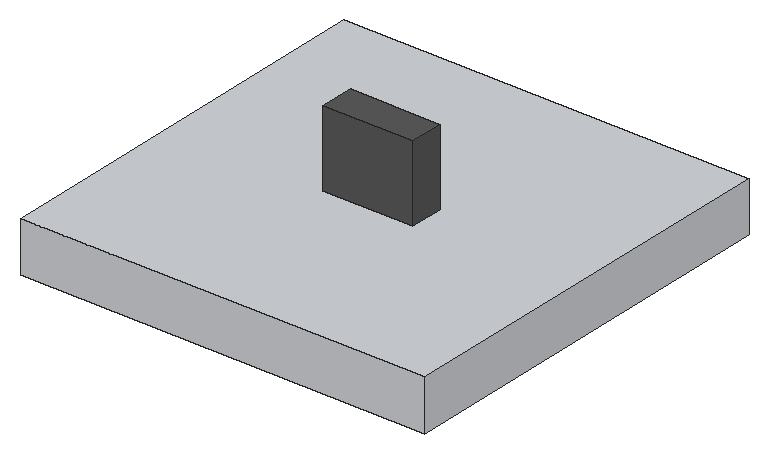
Revit family "r2018_videomax_videoserver_nastolnogo_ispolneniya", category Устройства связи, Revit 2018 (continued)
Definition of nested family "videomax_midibigtower"
  Lines and regions (mm)
    model lines, visible <- "Back_500", detail levels fine
      curve 1670: line (1421.596, 399.43, 0) -> (1421.439, 416.329, 0)
      curve 1671: line (1421.439, 416.329, 0) -> (1416.848, 421.084, 0)
      curve 1672: line (1415.059, 421.806, 0) -> (1405.425, 421.806, 0)
      curve 1673: line (1404.328, 420.759, 0) -> (1404.328, 393.777, 0)
      curve 1678: line (1496.289, 263.688, 0) -> (1492.308, 267.669, 0)
      curve 1679: line (1492.308, 218.833, 0) -> (1496.289, 222.815, 0)
      curve 1680: line (1507.156, 252.821, 0) -> (1504.097, 255.88, 0)
      curve 1681: line (1504.096, 230.622, 0) -> (1507.156, 233.681, 0)
      curve 1682: line (1502.332, 257.645, 0) -> (1498.347, 261.63, 0)
      curve 1683: line (1498.347, 224.872, 0) -> (1502.332, 228.857, 0)
      curve 1684: line (1541.003, 263.688, 0) -> (1544.984, 267.669, 0)
      curve 1685: line (1544.984, 218.833, 0) -> (1541.003, 222.815, 0)
      curve 1686: line (1530.136, 252.821, 0) -> (1533.195, 255.88, 0)
      curve 1687: line (1533.196, 230.622, 0) -> (1530.137, 233.681, 0)
      curve 1688: line (1534.96, 257.645, 0) -> (1538.945, 261.63, 0)
      curve 1689: line (1538.945, 224.872, 0) -> (1534.96, 228.857, 0)
      curve 1690: line (1539.083, 220.894, 0) -> (1543.064, 216.913, 0)
      curve 1691: line (1494.228, 216.913, 0) -> (1498.21, 220.894, 0)
      curve 1692: line (1528.216, 231.761, 0) -> (1531.275, 228.702, 0)
      curve 1693: line (1506.017, 228.702, 0) -> (1509.076, 231.761, 0)
      curve 1694: line (1533.04, 226.937, 0) -> (1537.025, 222.952, 0)
      curve 1695: line (1500.267, 222.952, 0) -> (1504.252, 226.937, 0)
      curve 1696: line (1539.083, 265.608, 0) -> (1543.064, 269.589, 0)
      curve 1697: line (1494.228, 269.589, 0) -> (1498.21, 265.608, 0)
      curve 1698: line (1528.216, 254.741, 0) -> (1531.275, 257.8, 0)
      curve 1699: line (1506.017, 257.801, 0) -> (1509.076, 254.742, 0)
      curve 1700: line (1533.04, 259.565, 0) -> (1537.025, 263.55, 0)
      curve 1701: line (1500.267, 263.55, 0) -> (1504.252, 259.565, 0)
      curve 1702: arc (1504.252, 259.565, 0) -> (1510.952, 263.601, 0) -> (1518.646, 265.007, 0) r 21.756
      curve 1703: arc (1518.646, 265.007, 0) -> (1526.34, 263.601, 0) -> (1533.04, 259.565, 0) r 21.756
      curve 1704: circle (1482.736, 279.025, 0) r 3 normal (0, 0, 1)
      curve 1705: circle (1554.56, 279.165, 0) r 3 normal (0, 0, 1)
      curve 1706: circle (1482.736, 207.354, 0) r 3 normal (0, 0, 1)
      curve 1707: circle (1554.56, 207.354, 0) r 3 normal (0, 0, 1)
      curve 1708: circle (1537.761, 39.33, 0) r 1.962 normal (0, 0, 1)
      curve 1709: circle (1534.459, 35.216, 0) r 1.962 normal (0, 0, 1)
      curve 1710: circle (1541.599, 35.216, 0) r 1.962 normal (0, 0, 1)
      curve 1711: circle (1544.901, 39.33, 0) r 1.962 normal (0, 0, 1)
      curve 1712: circle (1551.72, 39.33, 0) r 1.962 normal (0, 0, 1)
      curve 1713: circle (1558.859, 39.33, 0) r 1.962 normal (0, 0, 1)
      curve 1714: circle (1548.418, 35.216, 0) r 1.962 normal (0, 0, 1)
      curve 1715: circle (1555.558, 35.216, 0) r 1.962 normal (0, 0, 1)
      curve 1716: circle (1537.855, 31.103, 0) r 1.962 normal (0, 0, 1)
      curve 1717: circle (1534.554, 26.989, 0) r 1.962 normal (0, 0, 1)
      curve 1718: circle (1541.693, 26.989, 0) r 1.962 normal (0, 0, 1)
      curve 1719: circle (1544.995, 31.103, 0) r 1.962 normal (0, 0, 1)
      curve 1720: circle (1551.814, 31.103, 0) r 1.962 normal (0, 0, 1)
      curve 1721: circle (1558.954, 31.103, 0) r 1.962 normal (0, 0, 1)
      curve 1722: circle (1548.512, 26.989, 0) r 1.962 normal (0, 0, 1)
      curve 1723: circle (1555.652, 26.989, 0) r 1.962 normal (0, 0, 1)
      curve 1724: circle (1537.95, 22.875, 0) r 1.962 normal (0, 0, 1)
      curve 1725: circle (1534.648, 18.762, 0) r 1.962 normal (0, 0, 1)
      curve 1726: circle (1541.788, 18.762, 0) r 1.962 normal (0, 0, 1)
      curve 1727: circle (1545.089, 22.875, 0) r 1.962 normal (0, 0, 1)
      curve 1728: circle (1551.908, 22.875, 0) r 1.962 normal (0, 0, 1)
      curve 1729: circle (1559.048, 22.875, 0) r 1.962 normal (0, 0, 1)
      curve 1730: circle (1548.607, 18.762, 0) r 1.962 normal (0, 0, 1)
      curve 1731: circle (1555.746, 18.762, 0) r 1.962 normal (0, 0, 1)
      curve 1732: circle (1538.044, 14.648, 0) r 1.962 normal (0, 0, 1)
      curve 1733: circle (1534.742, 10.534, 0) r 1.962 normal (0, 0, 1)
      curve 1734: circle (1541.882, 10.534, 0) r 1.962 normal (0, 0, 1)
      curve 1735: circle (1545.183, 14.648, 0) r 1.962 normal (0, 0, 1)
      curve 1736: circle (1552.003, 14.648, 0) r 1.962 normal (0, 0, 1)
      curve 1737: circle (1559.142, 14.648, 0) r 1.962 normal (0, 0, 1)
      curve 1738: circle (1548.701, 10.534, 0) r 1.962 normal (0, 0, 1)
      curve 1739: circle (1555.841, 10.534, 0) r 1.962 normal (0, 0, 1)
      curve 1740: circle (1537.761, 6.42, 0) r 1.962 normal (0, 0, 1)
      curve 1741: circle (1534.459, 2.307, 0) r 1.962 normal (0, 0, 1)
      curve 1742: circle (1541.599, 2.307, 0) r 1.962 normal (0, 0, 1)
      curve 1743: circle (1544.901, 6.42, 0) r 1.962 normal (0, 0, 1)
      curve 1744: circle (1551.72, 6.42, 0) r 1.962 normal (0, 0, 1)
      curve 1745: circle (1558.859, 6.42, 0) r 1.962 normal (0, 0, 1)
      curve 1746: circle (1548.418, 2.307, 0) r 1.962 normal (0, 0, 1)
      curve 1747: circle (1555.558, 2.307, 0) r 1.962 normal (0, 0, 1)
      curve 1748: circle (1570.528, 10.991, 0) r 3 normal (0, 0, 1)
      curve 1749: circle (1570.528, 404.344, 0) r 3 normal (0, 0, 1)
      curve 1750: circle (1378.674, 404.344, 0) r 3 normal (0, 0, 1)
      curve 1751: circle (52.436, 100.955, 0) r 1.962 normal (0, 0, 1)
      curve 1752: circle (55.832, 96.841, 0) r 1.962 normal (0, 0, 1)
      curve 1753: circle (52.53, 92.727, 0) r 1.962 normal (0, 0, 1)
      curve 1754: circle (55.926, 88.614, 0) r 1.962 normal (0, 0, 1)
      curve 1755: circle (52.624, 84.5, 0) r 1.962 normal (0, 0, 1)
      curve 1756: circle (56.02, 80.386, 0) r 1.962 normal (0, 0, 1)
      curve 1757: circle (52.719, 76.272, 0) r 1.962 normal (0, 0, 1)
      curve 1758: circle (56.114, 72.159, 0) r 1.962 normal (0, 0, 1)
      curve 1759: circle (52.813, 68.045, 0) r 1.962 normal (0, 0, 1)
      curve 1760: circle (55.832, 63.931, 0) r 1.962 normal (0, 0, 1)
      curve 1761: circle (52.53, 59.817, 0) r 1.962 normal (0, 0, 1)
      curve 1762: circle (55.926, 55.704, 0) r 1.962 normal (0, 0, 1)
      curve 1763: circle (52.624, 51.59, 0) r 1.962 normal (0, 0, 1)
      curve 1764: circle (56.02, 47.476, 0) r 1.962 normal (0, 0, 1)
      curve 1765: circle (52.719, 43.363, 0) r 1.962 normal (0, 0, 1)
      curve 1766: circle (56.114, 39.249, 0) r 1.962 normal (0, 0, 1)
      curve 1767: circle (52.813, 35.135, 0) r 1.962 normal (0, 0, 1)
      curve 1768: circle (56.209, 31.022, 0) r 1.962 normal (0, 0, 1)
      curve 1769: circle (52.907, 26.908, 0) r 1.962 normal (0, 0, 1)
      curve 1770: circle (56.303, 22.794, 0) r 1.962 normal (0, 0, 1)
      curve 1771: circle (53.002, 18.68, 0) r 1.962 normal (0, 0, 1)
      curve 1772: circle (56.02, 14.566, 0) r 1.962 normal (0, 0, 1)
      curve 1773: circle (52.719, 10.453, 0) r 1.962 normal (0, 0, 1)
      curve 1774: circle (45.296, 100.955, 0) r 1.962 normal (0, 0, 1)
      curve 1775: circle (48.692, 96.841, 0) r 1.962 normal (0, 0, 1)
      curve 1776: circle (45.39, 92.727, 0) r 1.962 normal (0, 0, 1)
      curve 1777: circle (48.786, 88.614, 0) r 1.962 normal (0, 0, 1)
      curve 1778: circle (45.485, 84.5, 0) r 1.962 normal (0, 0, 1)
      curve 1779: circle (48.881, 80.386, 0) r 1.962 normal (0, 0, 1)
      curve 1780: circle (45.579, 76.272, 0) r 1.962 normal (0, 0, 1)
      curve 1781: circle (48.975, 72.159, 0) r 1.962 normal (0, 0, 1)
      curve 1782: circle (45.673, 68.045, 0) r 1.962 normal (0, 0, 1)
      curve 1783: circle (48.692, 63.931, 0) r 1.962 normal (0, 0, 1)
      curve 1784: circle (45.39, 59.817, 0) r 1.962 normal (0, 0, 1)
      curve 1785: circle (48.786, 55.704, 0) r 1.962 normal (0, 0, 1)
      curve 1786: circle (45.485, 51.59, 0) r 1.962 normal (0, 0, 1)
      curve 1787: circle (48.881, 47.476, 0) r 1.962 normal (0, 0, 1)
      curve 1788: circle (45.579, 43.363, 0) r 1.962 normal (0, 0, 1)
      curve 1789: circle (48.975, 39.249, 0) r 1.962 normal (0, 0, 1)
      curve 1790: circle (45.673, 35.135, 0) r 1.962 normal (0, 0, 1)
      curve 1791: circle (49.069, 31.022, 0) r 1.962 normal (0, 0, 1)
      curve 1792: circle (45.768, 26.908, 0) r 1.962 normal (0, 0, 1)
      curve 1793: circle (49.163, 22.794, 0) r 1.962 normal (0, 0, 1)
      curve 1794: circle (45.862, 18.68, 0) r 1.962 normal (0, 0, 1)
      curve 1795: circle (48.881, 14.566, 0) r 1.962 normal (0, 0, 1)
      curve 1796: circle (45.579, 10.453, 0) r 1.962 normal (0, 0, 1)
      curve 1797: circle (1527.037, 92.809, 0) r 1.962 normal (0, 0, 1)
      curve 1798: circle (1530.433, 88.695, 0) r 1.962 normal (0, 0, 1)
      curve 1799: circle (1527.131, 84.581, 0) r 1.962 normal (0, 0, 1)
      curve 1800: circle (1530.527, 80.468, 0) r 1.962 normal (0, 0, 1)
      curve 1801: circle (1527.226, 76.354, 0) r 1.962 normal (0, 0, 1)
      curve 1802: circle (1530.621, 72.24, 0) r 1.962 normal (0, 0, 1)
      curve 1803: circle (1527.32, 68.126, 0) r 1.962 normal (0, 0, 1)
      curve 1804: circle (1530.716, 64.013, 0) r 1.962 normal (0, 0, 1)
      curve 1805: circle (1527.414, 59.899, 0) r 1.962 normal (0, 0, 1)
      curve 1806: circle (1530.433, 55.785, 0) r 1.962 normal (0, 0, 1)
      curve 1807: circle (1527.131, 51.671, 0) r 1.962 normal (0, 0, 1)
      curve 1808: circle (1530.527, 47.558, 0) r 1.962 normal (0, 0, 1)
      curve 1809: circle (1527.226, 43.444, 0) r 1.962 normal (0, 0, 1)
      curve 1810: circle (1530.621, 39.33, 0) r 1.962 normal (0, 0, 1)
      curve 1811: circle (1527.32, 35.216, 0) r 1.962 normal (0, 0, 1)
      curve 1812: circle (1530.716, 31.103, 0) r 1.962 normal (0, 0, 1)
      curve 1813: circle (1527.414, 26.989, 0) r 1.962 normal (0, 0, 1)
      curve 1814: circle (1530.81, 22.875, 0) r 1.962 normal (0, 0, 1)
      curve 1815: circle (1527.508, 18.762, 0) r 1.962 normal (0, 0, 1)
      curve 1816: circle (1530.904, 14.648, 0) r 1.962 normal (0, 0, 1)
      curve 1817: circle (1527.603, 10.534, 0) r 1.962 normal (0, 0, 1)
      curve 1818: circle (1530.621, 6.42, 0) r 1.962 normal (0, 0, 1)
      curve 1819: circle (1527.32, 2.307, 0) r 1.962 normal (0, 0, 1)
      curve 1820: circle (1519.897, 92.809, 0) r 1.962 normal (0, 0, 1)
      curve 1821: circle (1523.293, 88.695, 0) r 1.962 normal (0, 0, 1)
      curve 1822: circle (1519.992, 84.581, 0) r 1.962 normal (0, 0, 1)
      curve 1823: circle (1523.387, 80.468, 0) r 1.962 normal (0, 0, 1)
      curve 1824: circle (1520.086, 76.354, 0) r 1.962 normal (0, 0, 1)
      curve 1825: circle (1523.482, 72.24, 0) r 1.962 normal (0, 0, 1)
      curve 1826: circle (1520.18, 68.126, 0) r 1.962 normal (0, 0, 1)
      curve 1827: circle (1523.576, 64.013, 0) r 1.962 normal (0, 0, 1)
      curve 1828: circle (1520.275, 59.899, 0) r 1.962 normal (0, 0, 1)
      curve 1829: circle (1523.293, 55.785, 0) r 1.962 normal (0, 0, 1)
      curve 1830: circle (1519.992, 51.671, 0) r 1.962 normal (0, 0, 1)
      curve 1831: circle (1523.387, 47.558, 0) r 1.962 normal (0, 0, 1)
      curve 1832: circle (1520.086, 43.444, 0) r 1.962 normal (0, 0, 1)
      curve 1833: circle (1523.482, 39.33, 0) r 1.962 normal (0, 0, 1)
      curve 1834: circle (1520.18, 35.216, 0) r 1.962 normal (0, 0, 1)
      curve 1835: circle (1523.576, 31.103, 0) r 1.962 normal (0, 0, 1)
      curve 1836: circle (1520.275, 26.989, 0) r 1.962 normal (0, 0, 1)
      curve 1837: circle (1523.67, 22.875, 0) r 1.962 normal (0, 0, 1)
      curve 1838: circle (1520.369, 18.762, 0) r 1.962 normal (0, 0, 1)
      curve 1839: circle (1523.765, 14.648, 0) r 1.962 normal (0, 0, 1)
      curve 1840: circle (1520.463, 10.534, 0) r 1.962 normal (0, 0, 1)
      curve 1841: circle (1523.482, 6.42, 0) r 1.962 normal (0, 0, 1)
      curve 1842: circle (1520.18, 2.307, 0) r 1.962 normal (0, 0, 1)
      curve 1843: circle (-95.927, 19.137, 0) r 3 normal (0, 0, 1)
      curve 1844: circle (1378.674, 10.991, 0) r 3 normal (0, 0, 1)
    model lines, visible <- "Back", detail levels fine
      curve 274: arc (-49.318, 430.349, 0) -> (-49.967, 432.121, 0) -> (-51.691, 432.889, 0) r 2.421
      curve 275: arc (-70.417, 432.889, 0) -> (-72.236, 432.259, 0) -> (-73.131, 430.554, 0) r 2.616
      curve 276: arc (-73.131, 400.398, 0) -> (-72.447, 398.628, 0) -> (-70.712, 397.858, 0) r 2.483
      curve 277: arc (-52.023, 397.858, 0) -> (-50.174, 398.517, 0) -> (-49.318, 400.284, 0) r 2.589
      curve 545: line (-102.5, 460, 0) -> (102.5, 460, 0)
      curve 546: line (102.5, 451.854, 0) -> (-102.5, 451.854, 0)
      curve 547: line (-91.854, 451.854, 0) -> (-91.854, 0, 0)
      curve 548: line (-102.5, 0, 0) -> (-102.5, 460, 0)
      curve 549: line (91.781, 451.854, 0) -> (91.781, 0, 0)
      curve 550: line (102.5, 0, 0) -> (102.5, 460, 0)
      curve 568: line (91.781, 391.913, 0) -> (73.654, 372.429, 0)
      curve 569: line (73.654, 372.429, 0) -> (-72.572, 372.429, 0)
      curve 570: line (-72.572, 372.429, 0) -> (-91.854, 393.239, 0)
      curve 572: line (-71.854, 103.384, 0) -> (33.392, 103.384, 0)
      curve 573: line (33.392, 103.384, 0) -> (33.392, 3.592, 0)
      curve 574: line (33.392, 3.592, 0) -> (-71.854, 3.592, 0)
      curve 575: line (-71.854, 3.592, 0) -> (-71.854, 103.384, 0)
      curve 576: line (33.392, 45.221, 0) -> (-67.344, 45.221, 0)
      curve 577: line (-67.344, 45.221, 0) -> (-67.344, 31.04, 0)
      curve 578: line (-67.344, 31.04, 0) -> (33.392, 31.04, 0)
      curve 579: line (33.392, 31.04, 0) -> (33.392, 45.221, 0)
      curve 580: line (33.392, 63.971, 0) -> (-67.344, 63.971, 0)
      curve 581: line (-67.344, 63.971, 0) -> (-67.344, 49.79, 0)
      curve 582: line (-67.344, 49.79, 0) -> (33.392, 49.79, 0)
      curve 583: line (33.392, 49.79, 0) -> (33.392, 63.971, 0)
      curve 584: line (33.392, 82.721, 0) -> (-67.344, 82.721, 0)
      curve 585: line (-67.344, 82.721, 0) -> (-67.344, 68.54, 0)
      curve 586: line (-67.344, 68.54, 0) -> (33.392, 68.54, 0)
      curve 587: line (33.392, 68.54, 0) -> (33.392, 82.721, 0)
      curve 588: line (33.392, 100.7, 0) -> (-67.344, 100.7, 0)
      curve 589: line (-67.344, 100.7, 0) -> (-67.344, 88.061, 0)
      curve 590: line (-67.344, 88.061, 0) -> (33.392, 88.061, 0)
      curve 591: line (33.392, 88.061, 0) -> (33.392, 100.7, 0)
      curve 592: line (-91.854, 365.384, 0) -> (-47.854, 365.384, 0)
      curve 593: line (-47.854, 365.384, 0) -> (-47.854, 211.384, 0)
      curve 594: line (-47.854, 211.384, 0) -> (-91.854, 211.384, 0)
      curve 595: line (-91.854, 211.384, 0) -> (-91.854, 365.384, 0)
      curve 624: line (-51.691, 432.889, 0) -> (-70.417, 432.889, 0)
      curve 625: line (-73.131, 430.554, 0) -> (-73.131, 400.398, 0)
      curve 626: line (-70.712, 397.858, 0) -> (-52.023, 397.858, 0)
      curve 627: line (-49.318, 400.284, 0) -> (-49.318, 430.349, 0)
      curve 640: line (-102.5, 0, 0) -> (102.5, 0, 0)
      curve 799: line (33.392, 26.471, 0) -> (-67.344, 26.471, 0)
      curve 800: line (-67.344, 26.471, 0) -> (-67.344, 12.29, 0)
      curve 801: line (-67.344, 12.29, 0) -> (33.392, 12.29, 0)
      curve 802: line (33.392, 12.29, 0) -> (33.392, 26.471, 0)
      curve 1460: arc (1425.283, 422.203, 0) -> (1424.634, 423.975, 0) -> (1422.911, 424.743, 0) r 2.421
      curve 1461: arc (1404.185, 424.743, 0) -> (1402.366, 424.113, 0) -> (1401.47, 422.408, 0) r 2.616
      curve 1462: arc (1401.47, 392.252, 0) -> (1402.155, 390.482, 0) -> (1403.889, 389.712, 0) r 2.483
      curve 1463: arc (1422.578, 389.712, 0) -> (1424.428, 390.371, 0) -> (1425.283, 392.137, 0) r 2.589
      curve 1572: line (1372.101, 451.854, 0) -> (1577.101, 451.854, 0)
      curve 1573: line (1577.101, 443.708, 0) -> (1372.101, 443.708, 0)
      curve 1574: line (1382.747, 443.708, 0) -> (1382.747, -8.146, 0)
      curve 1575: line (1372.101, -8.146, 0) -> (1372.101, 451.854, 0)
      curve 1576: line (1566.382, 443.708, 0) -> (1566.382, -8.146, 0)
      curve 1577: line (1577.101, -8.146, 0) -> (1577.101, 451.854, 0)
      curve 1595: line (1566.382, 383.767, 0) -> (1548.255, 364.283, 0)
      curve 1596: line (1548.255, 364.283, 0) -> (1402.03, 364.283, 0)
      curve 1597: line (1402.03, 364.283, 0) -> (1382.747, 385.093, 0)
      curve 1599: line (1402.747, 95.238, 0) -> (1507.993, 95.238, 0)
      curve 1600: line (1507.993, 95.238, 0) -> (1507.993, -4.554, 0)
      curve 1601: line (1507.993, -4.554, 0) -> (1402.747, -4.554, 0)
      curve 1602: line (1402.747, -4.554, 0) -> (1402.747, 95.238, 0)
      curve 1603: line (1507.993, 37.075, 0) -> (1407.257, 37.075, 0)
      curve 1604: line (1407.257, 37.075, 0) -> (1407.257, 22.894, 0)
      curve 1605: line (1407.257, 22.894, 0) -> (1507.993, 22.894, 0)
      curve 1606: line (1507.993, 22.894, 0) -> (1507.993, 37.075, 0)
      curve 1607: line (1507.993, 55.825, 0) -> (1407.257, 55.825, 0)
      curve 1608: line (1407.257, 55.825, 0) -> (1407.257, 41.644, 0)
      curve 1609: line (1407.257, 41.644, 0) -> (1507.993, 41.644, 0)
      curve 1610: line (1507.993, 41.644, 0) -> (1507.993, 55.825, 0)
      curve 1611: line (1507.993, 74.575, 0) -> (1407.257, 74.575, 0)
      curve 1612: line (1407.257, 74.575, 0) -> (1407.257, 60.394, 0)
      curve 1613: line (1407.257, 60.394, 0) -> (1507.993, 60.394, 0)
      curve 1614: line (1507.993, 60.394, 0) -> (1507.993, 74.575, 0)
      curve 1615: line (1507.993, 92.554, 0) -> (1407.257, 92.554, 0)
      curve 1616: line (1407.257, 92.554, 0) -> (1407.257, 79.914, 0)
      curve 1617: line (1407.257, 79.914, 0) -> (1507.993, 79.914, 0)
      curve 1618: line (1507.993, 79.914, 0) -> (1507.993, 92.554, 0)
      curve 1619: line (1382.747, 357.238, 0) -> (1426.747, 357.238, 0)
      curve 1620: line (1426.747, 357.238, 0) -> (1426.747, 203.238, 0)
      curve 1621: line (1426.747, 203.238, 0) -> (1382.747, 203.238, 0)
      curve 1622: line (1382.747, 203.238, 0) -> (1382.747, 357.238, 0)
      curve 1651: line (1422.911, 424.743, 0) -> (1404.185, 424.743, 0)
      curve 1652: line (1401.47, 422.408, 0) -> (1401.47, 392.252, 0)
      curve 1653: line (1403.889, 389.712, 0) -> (1422.578, 389.712, 0)
      curve 1654: line (1425.283, 392.137, 0) -> (1425.283, 422.203, 0)
      curve 1667: line (1372.101, -8.146, 0) -> (1577.101, -8.146, 0)
      curve 1674: line (1507.993, 18.325, 0) -> (1407.257, 18.325, 0)
      curve 1675: line (1407.257, 18.325, 0) -> (1407.257, 4.144, 0)
      curve 1676: line (1407.257, 4.144, 0) -> (1507.993, 4.144, 0)
      curve 1677: line (1507.993, 4.144, 0) -> (1507.993, 18.325, 0)
    model lines, visible <- "Front_500", detail levels fine
      curve 282: circle (66.263, 293.092, 0) r 2.53 normal (0, 0, 1)
      curve 283: circle (82.965, 293.092, 0) r 2.53 normal (0, 0, 1)
      curve 284: circle (66.263, 285.592, 0) r 1.455 normal (0, 0, 1)
      curve 285: circle (-28.595, 305.163, 0) r 3.407 normal (0, 0, 1)
      curve 286: circle (-14.109, 305.163, 0) r 3.407 normal (0, 0, 1)
      curve 287: circle (74.614, 311.373, 0) r 5.399 normal (0, 0, 1)
      curve 288: circle (74.614, 336.875, 0) r 8.141 normal (0, 0, 1)
      curve 289: arc (72.616, 338.869, 0) -> (74.614, 334.056, 0) -> (76.611, 338.869, 0) r 2.821
      curve 290: arc (81.213, 284.087, 0) -> (82.965, 283.211, 0) -> (84.716, 284.087, 0) r 2.19
      curve 291: arc (84.717, 286.758, 0) -> (82.965, 287.715, 0) -> (81.213, 286.758, 0) r 2.081
      curve 292: arc (81.213, 286.758, 0) -> (82.965, 285.882, 0) -> (84.716, 286.758, 0) r 2.19
      curve 293: arc (-16.407, 160.17, 0) -> (-16.019, 161.131, 0) -> (-15.058, 161.52, 0) r 1.327
      curve 294: arc (11.337, 161.52, 0) -> (12.346, 161.123, 0) -> (12.742, 160.115, 0) r 1.356
      curve 295: arc (12.742, 133.711, 0) -> (12.292, 132.721, 0) -> (11.264, 132.371, 0) r 1.37
      curve 296: arc (-15.237, 132.371, 0) -> (-16.05, 132.796, 0) -> (-16.407, 133.641, 0) r 1.36
      curve 297: arc (-12.318, 140.479, 0) -> (-12.493, 140.202, 0) -> (-12.779, 140.042, 0) r 0.669
      curve 298: arc (-12.779, 140.042, 0) -> (-13.068, 140.007, 0) -> (-13.357, 140.041, 0) r 1.221
      curve 299: arc (-13.357, 140.041, 0) -> (-13.644, 140.201, 0) -> (-13.82, 140.479, 0) r 0.666
      curve 300: arc (-7.858, 143.049, 0) -> (-7.186, 142.875, 0) -> (-6.769, 142.319, 0) r 1.05
      curve 301: arc (-6.769, 142.319, 0) -> (-6.69, 141.488, 0) -> (-6.799, 140.66, 0) r 3.691
      curve 302: arc (-6.799, 140.66, 0) -> (-7.215, 140.172, 0) -> (-7.843, 140.041, 0) r 0.991
      curve 303: arc (-9.194, 140.041, 0) -> (-9.54, 140.144, 0) -> (-9.688, 140.473, 0) r 0.433
      curve 304: arc (-9.688, 142.531, 0) -> (-9.585, 142.902, 0) -> (-9.229, 143.049, 0) r 0.438
      curve 305: arc (-8.717, 142.137, 0) -> (-8.694, 142.252, 0) -> (-8.598, 142.319, 0) r 0.158
      curve 306: arc (-8.598, 142.319, 0) -> (-8.404, 142.327, 0) -> (-8.211, 142.319, 0) r 2.175
      curve 307: arc (-8.211, 142.319, 0) -> (-7.89, 142.2, 0) -> (-7.723, 141.902, 0) r 0.495
      curve 308: arc (-7.723, 141.902, 0) -> (-7.686, 141.576, 0) -> (-7.709, 141.249, 0) r 1.804
      curve 309: arc (-7.709, 141.249, 0) -> (-7.799, 140.986, 0) -> (-8.028, 140.83, 0) r 0.439
      curve 310: arc (-8.028, 140.83, 0) -> (-8.27, 140.791, 0) -> (-8.515, 140.789, 0) r 1.635
      curve 311: arc (-8.515, 140.789, 0) -> (-8.66, 140.828, 0) -> (-8.717, 140.966, 0) r 0.169
      curve 312: arc (-6.345, 142.6, 0) -> (-6.222, 142.925, 0) -> (-5.897, 143.049, 0) r 0.425
      curve 313: arc (-5.195, 142.319, 0) -> (-5.327, 142.276, 0) -> (-5.374, 142.146, 0) r 0.158
      curve 314: arc (-5.374, 140.922, 0) -> (-5.316, 140.796, 0) -> (-5.18, 140.772, 0) r 0.15
      curve 315: arc (-5.843, 140.041, 0) -> (-6.218, 140.153, 0) -> (-6.345, 140.523, 0) r 0.428
      curve 316: arc (-3.386, 142.319, 0) -> (-3.044, 142.839, 0) -> (-2.458, 143.049, 0) r 0.982
      curve 317: arc (-2.458, 143.049, 0) -> (-1.807, 143.084, 0) -> (-1.157, 143.049, 0) r 6.122
      curve 318: arc (-1.157, 143.049, 0) -> (-0.569, 142.842, 0) -> (-0.23, 142.319, 0) r 0.967
      curve 319: arc (-0.23, 142.319, 0) -> (-0.153, 141.487, 0) -> (-0.268, 140.66, 0) r 3.655
      curve 320: arc (-0.268, 140.66, 0) -> (-0.62, 140.217, 0) -> (-1.158, 140.041, 0) r 0.985
      curve 321: arc (-1.158, 140.041, 0) -> (-1.802, 140.007, 0) -> (-2.446, 140.041, 0) r 6.021
      curve 322: arc (-2.446, 140.041, 0) -> (-2.991, 140.212, 0) -> (-3.347, 140.66, 0) r 0.975
      curve 323: arc (-3.347, 140.66, 0) -> (-3.462, 141.487, 0) -> (-3.386, 142.319, 0) r 3.652
      curve 324: arc (-2.443, 141.902, 0) -> (-2.31, 142.173, 0) -> (-2.046, 142.319, 0) r 0.501
      curve 325: arc (-2.046, 142.319, 0) -> (-1.799, 142.336, 0) -> (-1.552, 142.317, 0) r 1.717
      curve 326: arc (-1.552, 142.317, 0) -> (-1.299, 142.167, 0) -> (-1.169, 141.902, 0) r 0.517
      curve 327: arc (-1.169, 141.902, 0) -> (-1.15, 141.576, 0) -> (-1.161, 141.249, 0) r 3.538
      curve 328: arc (-1.161, 141.249, 0) -> (-1.298, 140.929, 0) -> (-1.608, 140.772, 0) r 0.506
      curve 329: arc (-1.608, 140.772, 0) -> (-1.832, 140.755, 0) -> (-2.055, 140.772, 0) r 1.454
      curve 330: arc (-2.055, 140.772, 0) -> (-2.332, 140.943, 0) -> (-2.443, 141.249, 0) r 0.493
      curve 331: arc (-2.443, 141.249, 0) -> (-2.465, 141.575, 0) -> (-2.443, 141.902, 0) r 2.406
      curve 332: arc (1.708, 140.368, 0) -> (1.813, 140.164, 0) -> (2.007, 140.041, 0) r 0.437
      curve 333: arc (2.522, 140.035, 0) -> (2.729, 140.156, 0) -> (2.841, 140.368, 0) r 0.437
      curve 334: arc (4.363, 142.563, 0) -> (4.253, 142.886, 0) -> (3.953, 143.049, 0) r 0.469
      curve 335: arc (3.953, 143.049, 0) -> (3.629, 143.084, 0) -> (3.305, 143.049, 0) r 1.531
      curve 336: arc (3.305, 143.049, 0) -> (3.02, 142.884, 0) -> (2.855, 142.6, 0) r 0.642
      curve 337: arc (2.36, 141.106, 0) -> (2.275, 141.026, 0) -> (2.191, 141.106, 0) r 0.085
      curve 338: arc (1.692, 142.606, 0) -> (1.526, 142.886, 0) -> (1.245, 143.049, 0) r 0.645
      curve 339: arc (1.245, 143.049, 0) -> (0.922, 143.084, 0) -> (0.599, 143.049, 0) r 1.515
      curve 340: arc (0.599, 143.049, 0) -> (0.304, 142.885, 0) -> (0.191, 142.567, 0) r 0.478
      curve 341: arc (6.935, 142.724, 0) -> (6.799, 142.929, 0) -> (6.584, 143.049, 0) r 0.524
      curve 342: arc (6.584, 143.049, 0) -> (6.254, 143.084, 0) -> (5.924, 143.049, 0) r 1.588
      curve 343: arc (5.924, 143.049, 0) -> (5.701, 142.934, 0) -> (5.564, 142.724, 0) r 0.487
      curve 344: arc (-7.797, 148.593, 0) -> (-7.672, 148.503, 0) -> (-7.547, 148.593, 0) r 0.132
      curve 345: arc (-6.032, 152.64, 0) -> (-5.471, 153.465, 0) -> (-4.552, 153.852, 0) r 1.757
      curve 346: arc (-4.552, 153.852, 0) -> (-3.928, 153.88, 0) -> (-3.31, 153.791, 0) r 3.339
      curve 347: arc (-5.747, 147.291, 0) -> (-6.196, 146.581, 0) -> (-6.929, 146.169, 0) r 1.716
      curve 348: arc (-6.929, 146.169, 0) -> (-7.671, 146.08, 0) -> (-8.412, 146.168, 0) r 3.132
      curve 349: arc (-8.412, 146.168, 0) -> (-9.149, 146.579, 0) -> (-9.599, 147.291, 0) r 1.708
      curve 350: arc (-2.656, 153.416, 0) -> (-2.365, 153.062, 0) -> (-2.158, 152.655, 0) r 2.097
      curve 351: arc (0.584, 152.661, 0) -> (0.933, 153.266, 0) -> (1.487, 153.691, 0) r 1.789
      curve 352: arc (1.487, 153.691, 0) -> (2.501, 153.884, 0) -> (3.517, 153.703, 0) r 2.857
      curve 353: arc (3.517, 153.703, 0) -> (4.088, 153.277, 0) -> (4.447, 152.661, 0) r 1.781
      curve 354: arc (2.673, 151.272, 0) -> (2.516, 151.399, 0) -> (2.358, 151.272, 0) r 0.161
      curve 667: line (-3.953, 303.483, 0) -> (10.243, 303.483, 0)
      curve 668: line (10.243, 303.483, 0) -> (10.243, 309.755, 0)
      curve 669: line (10.243, 309.755, 0) -> (-3.953, 309.755, 0)
      curve 670: line (-3.953, 309.755, 0) -> (-3.953, 303.483, 0)
      curve 671: line (-52.89, 309.755, 0) -> (-38.695, 309.755, 0)
      curve 672: line (-38.695, 309.755, 0) -> (-38.695, 303.483, 0)
      curve 673: line (-38.695, 303.483, 0) -> (-52.89, 303.483, 0)
      curve 674: line (-52.89, 303.483, 0) -> (-52.89, 309.755, 0)
      curve 675: line (-1.843, 307.347, 0) -> (8.133, 307.347, 0)
      curve 676: line (-50.78, 307.347, 0) -> (-40.805, 307.347, 0)
      curve 677: line (74.581, 308.876, 0) -> (72.146, 313.092, 0)
      curve 678: line (72.146, 313.092, 0) -> (77.015, 313.092, 0)
      curve 679: line (77.015, 313.092, 0) -> (74.581, 308.876, 0)
      curve 680: line (74.614, 340.098, 0) -> (74.614, 337.053, 0)
      curve 681: line (66.283, 287.047, 0) -> (66.303, 288.502, 0)
      curve 682: line (67.533, 286.302, 0) -> (68.803, 287.012, 0)
      curve 683: line (65.012, 286.337, 0) -> (63.762, 287.082, 0)
      curve 684: line (66.283, 284.137, 0) -> (66.303, 282.682, 0)
      curve 685: line (67.533, 284.882, 0) -> (68.803, 284.172, 0)
      curve 686: line (65.012, 284.847, 0) -> (63.762, 284.102, 0)
      curve 687: line (81.213, 286.758, 0) -> (81.213, 284.087, 0)
      curve 688: line (84.716, 284.087, 0) -> (84.716, 286.758, 0)
      curve 689: line (-15.058, 161.52, 0) -> (11.337, 161.52, 0)
      curve 690: line (12.742, 160.115, 0) -> (12.742, 133.711, 0)
      curve 691: line (11.264, 132.371, 0) -> (-15.237, 132.371, 0)
      curve 692: line (-16.407, 133.641, 0) -> (-16.407, 160.17, 0)
      curve 693: line (5.94, 141.348, 0) -> (6.556, 141.348, 0)
      curve 694: line (6.556, 141.348, 0) -> (6.287, 142.113, 0)
      curve 695: line (6.287, 142.113, 0) -> (5.94, 141.348, 0)
      curve 696: line (-13.82, 140.479, 0) -> (-14.869, 143.049, 0)
      curve 697: line (-14.869, 143.049, 0) -> (-13.829, 143.049, 0)
      curve 698: line (-13.829, 143.049, 0) -> (-13.117, 140.987, 0)
      curve 699: line (-13.117, 140.987, 0) -> (-12.296, 143.049, 0)
      curve 700: line (-12.296, 143.049, 0) -> (-11.268, 143.049, 0)
      curve 701: line (-11.268, 143.049, 0) -> (-12.318, 140.479, 0)
      curve 702: line (-11.086, 143.049, 0) -> (-10.118, 143.049, 0)
      curve 703: line (-10.118, 143.049, 0) -> (-10.118, 140.041, 0)
      curve 704: line (-10.118, 140.041, 0) -> (-11.086, 140.041, 0)
      curve 705: line (-11.086, 140.041, 0) -> (-11.086, 143.049, 0)
      curve 706: line (-9.229, 143.049, 0) -> (-7.858, 143.049, 0)
      curve 707: line (-7.843, 140.041, 0) -> (-9.194, 140.041, 0)
      curve 708: line (-9.688, 140.473, 0) -> (-9.688, 142.531, 0)
      curve 709: line (-8.717, 140.966, 0) -> (-8.717, 142.137, 0)
      curve 710: line (-5.897, 143.049, 0) -> (-3.69, 143.049, 0)
      curve 711: line (-3.69, 143.049, 0) -> (-3.69, 142.319, 0)
      curve 712: line (-3.69, 142.319, 0) -> (-5.195, 142.319, 0)
      curve 713: line (-5.374, 142.146, 0) -> (-5.374, 141.902, 0)
      curve 714: line (-5.374, 141.902, 0) -> (-3.733, 141.902, 0)
      curve 715: line (-3.733, 141.902, 0) -> (-3.733, 141.249, 0)
      curve 716: line (-3.733, 141.249, 0) -> (-5.374, 141.249, 0)
      curve 717: line (-5.374, 141.249, 0) -> (-5.374, 140.922, 0)
      curve 718: line (-5.18, 140.772, 0) -> (-3.69, 140.772, 0)
      curve 719: line (-3.69, 140.772, 0) -> (-3.69, 140.041, 0)
      curve 720: line (-3.69, 140.041, 0) -> (-5.843, 140.041, 0)
      curve 721: line (-6.345, 140.523, 0) -> (-6.345, 142.6, 0)
      curve 722: line (0.191, 142.567, 0) -> (0.191, 140.041, 0)
      curve 723: line (0.191, 140.041, 0) -> (1.166, 140.041, 0)
      curve 724: line (1.166, 140.041, 0) -> (1.135, 141.902, 0)
      curve 725: line (1.135, 141.902, 0) -> (1.708, 140.368, 0)
      curve 726: line (2.007, 140.041, 0) -> (2.256, 140.007, 0)
      curve 727: line (2.256, 140.007, 0) -> (2.522, 140.035, 0)
      curve 728: line (2.841, 140.368, 0) -> (3.331, 141.902, 0)
      curve 729: line (3.331, 141.902, 0) -> (3.383, 140.041, 0)
      curve 730: line (3.383, 140.041, 0) -> (4.363, 140.041, 0)
      curve 731: line (4.363, 140.041, 0) -> (4.363, 142.563, 0)
      curve 732: line (2.855, 142.6, 0) -> (2.36, 141.106, 0)
      curve 733: line (2.191, 141.106, 0) -> (1.692, 142.606, 0)
      curve 734: line (7.827, 143.049, 0) -> (8.987, 143.049, 0)
      curve 735: line (8.987, 143.049, 0) -> (9.498, 142.246, 0)
      curve 736: line (9.498, 142.246, 0) -> (10.01, 143.049, 0)
      curve 737: line (10.01, 143.049, 0) -> (11.17, 143.049, 0)
      curve 738: line (11.17, 143.049, 0) -> (10.065, 141.566, 0)
      curve 739: line (10.065, 141.566, 0) -> (11.204, 140.041, 0)
      curve 740: line (11.204, 140.041, 0) -> (10.047, 140.041, 0)
      curve 741: line (10.047, 140.041, 0) -> (9.498, 140.888, 0)
      curve 742: line (9.498, 140.888, 0) -> (8.952, 140.041, 0)
      curve 743: line (8.952, 140.041, 0) -> (7.799, 140.041, 0)
      curve 744: line (7.799, 140.041, 0) -> (8.931, 141.566, 0)
      curve 745: line (8.931, 141.566, 0) -> (7.827, 143.049, 0)
      curve 746: line (5.564, 142.724, 0) -> (4.45, 140.041, 0)
      curve 747: line (4.45, 140.041, 0) -> (5.472, 140.041, 0)
      curve 748: line (5.472, 140.041, 0) -> (5.708, 140.66, 0)
      curve 749: line (5.708, 140.66, 0) -> (6.791, 140.66, 0)
      curve 750: line (6.791, 140.66, 0) -> (7.027, 140.041, 0)
      curve 751: line (7.027, 140.041, 0) -> (8.044, 140.041, 0)
      curve 752: line (8.044, 140.041, 0) -> (6.935, 142.724, 0)
      curve 753: line (-9.599, 147.291, 0) -> (-12.291, 153.883, 0)
      curve 754: line (-12.291, 153.883, 0) -> (-9.623, 153.883, 0)
      curve 755: line (-9.623, 153.883, 0) -> (-7.797, 148.593, 0)
      curve 756: line (-7.547, 148.593, 0) -> (-6.032, 152.64, 0)
      curve 757: line (-3.31, 153.791, 0) -> (-5.747, 147.291, 0)
      curve 758: line (-2.158, 152.655, 0) -> (-0.788, 149.302, 0)
      curve 759: line (-0.788, 149.302, 0) -> (0.584, 152.661, 0)
      curve 760: line (4.447, 152.661, 0) -> (7.137, 146.075, 0)
      curve 761: line (7.137, 146.075, 0) -> (4.468, 146.075, 0)
      curve 762: line (4.468, 146.075, 0) -> (2.673, 151.272, 0)
      curve 763: line (2.358, 151.272, 0) -> (0.546, 146.075, 0)
      curve 764: line (0.546, 146.075, 0) -> (-2.123, 146.075, 0)
      curve 765: line (-2.123, 146.075, 0) -> (-3.707, 150.601, 0)
      curve 766: line (-3.707, 150.601, 0) -> (-2.656, 153.416, 0)
      curve 876: circle (146.263, 284.946, 0) r 2.53 normal (0, 0, 1)
      curve 877: circle (162.965, 284.946, 0) r 2.53 normal (0, 0, 1)
      curve 878: circle (146.263, 277.446, 0) r 1.455 normal (0, 0, 1)
      curve 879: circle (51.405, 297.017, 0) r 3.407 normal (0, 0, 1)
      curve 880: circle (65.891, 297.017, 0) r 3.407 normal (0, 0, 1)
      curve 881: circle (154.614, 303.226, 0) r 5.399 normal (0, 0, 1)
      curve 882: circle (154.614, 328.729, 0) r 8.141 normal (0, 0, 1)
      curve 883: arc (152.616, 330.722, 0) -> (154.614, 325.91, 0) -> (156.611, 330.722, 0) r 2.821
      curve 884: arc (161.213, 275.941, 0) -> (162.965, 275.065, 0) -> (164.716, 275.941, 0) r 2.19
      curve 885: arc (164.717, 278.612, 0) -> (162.965, 279.569, 0) -> (161.213, 278.612, 0) r 2.081
      curve 886: arc (161.213, 278.612, 0) -> (162.965, 277.736, 0) -> (164.716, 278.612, 0) r 2.19
      curve 887: arc (63.593, 152.024, 0) -> (63.981, 152.985, 0) -> (64.942, 153.373, 0) r 1.327
      curve 888: arc (91.337, 153.373, 0) -> (92.346, 152.977, 0) -> (92.742, 151.969, 0) r 1.356
      curve 889: arc (92.742, 125.565, 0) -> (92.292, 124.575, 0) -> (91.264, 124.224, 0) r 1.37
      curve 890: arc (64.763, 124.224, 0) -> (63.95, 124.65, 0) -> (63.593, 125.495, 0) r 1.36
      curve 891: arc (67.682, 132.333, 0) -> (67.507, 132.056, 0) -> (67.221, 131.895, 0) r 0.669
      curve 892: arc (67.221, 131.895, 0) -> (66.932, 131.861, 0) -> (66.643, 131.895, 0) r 1.221
      curve 893: arc (66.643, 131.895, 0) -> (66.356, 132.055, 0) -> (66.18, 132.333, 0) r 0.666
      curve 894: arc (72.142, 134.903, 0) -> (72.814, 134.729, 0) -> (73.231, 134.173, 0) r 1.05
      curve 895: arc (73.231, 134.173, 0) -> (73.31, 133.342, 0) -> (73.201, 132.514, 0) r 3.691
      curve 896: arc (73.201, 132.514, 0) -> (72.785, 132.026, 0) -> (72.157, 131.895, 0) r 0.991
      curve 897: arc (70.806, 131.895, 0) -> (70.46, 131.998, 0) -> (70.312, 132.327, 0) r 0.433
      curve 898: arc (70.312, 134.385, 0) -> (70.415, 134.756, 0) -> (70.771, 134.903, 0) r 0.438
      curve 899: arc (71.283, 133.991, 0) -> (71.306, 134.105, 0) -> (71.402, 134.173, 0) r 0.158
      curve 900: arc (71.402, 134.173, 0) -> (71.596, 134.181, 0) -> (71.789, 134.173, 0) r 2.175
      curve 901: arc (71.789, 134.173, 0) -> (72.11, 134.054, 0) -> (72.277, 133.756, 0) r 0.495
      curve 902: arc (72.277, 133.756, 0) -> (72.314, 133.43, 0) -> (72.291, 133.103, 0) r 1.804
      curve 903: arc (72.291, 133.103, 0) -> (72.201, 132.84, 0) -> (71.972, 132.684, 0) r 0.439
      curve 904: arc (71.972, 132.684, 0) -> (71.73, 132.645, 0) -> (71.485, 132.643, 0) r 1.635
      curve 905: arc (71.485, 132.643, 0) -> (71.34, 132.682, 0) -> (71.283, 132.82, 0) r 0.169
      curve 906: arc (73.655, 134.454, 0) -> (73.778, 134.779, 0) -> (74.103, 134.903, 0) r 0.425
      curve 907: arc (74.805, 134.173, 0) -> (74.673, 134.13, 0) -> (74.626, 134, 0) r 0.158
      curve 908: arc (74.626, 132.776, 0) -> (74.684, 132.65, 0) -> (74.82, 132.626, 0) r 0.15
      curve 909: arc (74.157, 131.895, 0) -> (73.782, 132.007, 0) -> (73.655, 132.376, 0) r 0.428
      curve 910: arc (76.614, 134.173, 0) -> (76.956, 134.693, 0) -> (77.542, 134.903, 0) r 0.982
      curve 911: arc (77.542, 134.903, 0) -> (78.193, 134.938, 0) -> (78.843, 134.903, 0) r 6.122
      curve 912: arc (78.843, 134.903, 0) -> (79.431, 134.696, 0) -> (79.77, 134.173, 0) r 0.967
      curve 913: arc (79.77, 134.173, 0) -> (79.847, 133.341, 0) -> (79.732, 132.514, 0) r 3.655
      curve 914: arc (79.732, 132.514, 0) -> (79.38, 132.071, 0) -> (78.842, 131.895, 0) r 0.985
      curve 915: arc (78.842, 131.895, 0) -> (78.198, 131.861, 0) -> (77.554, 131.895, 0) r 6.021
      curve 916: arc (77.554, 131.895, 0) -> (77.009, 132.066, 0) -> (76.653, 132.514, 0) r 0.975
      curve 917: arc (76.653, 132.514, 0) -> (76.538, 133.341, 0) -> (76.614, 134.173, 0) r 3.652
      curve 918: arc (77.557, 133.756, 0) -> (77.69, 134.027, 0) -> (77.954, 134.173, 0) r 0.501
      curve 919: arc (77.954, 134.173, 0) -> (78.201, 134.19, 0) -> (78.448, 134.171, 0) r 1.717
      curve 920: arc (78.448, 134.171, 0) -> (78.701, 134.021, 0) -> (78.831, 133.756, 0) r 0.517
      curve 921: arc (78.831, 133.756, 0) -> (78.85, 133.429, 0) -> (78.839, 133.103, 0) r 3.538
      curve 922: arc (78.839, 133.103, 0) -> (78.702, 132.782, 0) -> (78.392, 132.626, 0) r 0.506
      curve 923: arc (78.392, 132.626, 0) -> (78.168, 132.609, 0) -> (77.945, 132.626, 0) r 1.454
      curve 924: arc (77.945, 132.626, 0) -> (77.668, 132.796, 0) -> (77.557, 133.103, 0) r 0.493
      curve 925: arc (77.557, 133.103, 0) -> (77.535, 133.429, 0) -> (77.557, 133.756, 0) r 2.406
      curve 926: arc (81.708, 132.222, 0) -> (81.813, 132.018, 0) -> (82.007, 131.895, 0) r 0.437
      curve 927: arc (82.522, 131.889, 0) -> (82.729, 132.01, 0) -> (82.841, 132.222, 0) r 0.437
      curve 928: arc (84.363, 134.417, 0) -> (84.253, 134.74, 0) -> (83.953, 134.903, 0) r 0.469
      curve 929: arc (83.953, 134.903, 0) -> (83.629, 134.938, 0) -> (83.305, 134.903, 0) r 1.531
      curve 930: arc (83.305, 134.903, 0) -> (83.02, 134.738, 0) -> (82.855, 134.453, 0) r 0.642
      curve 931: arc (82.36, 132.96, 0) -> (82.275, 132.88, 0) -> (82.191, 132.96, 0) r 0.085
      curve 932: arc (81.692, 134.46, 0) -> (81.526, 134.74, 0) -> (81.245, 134.903, 0) r 0.645
      curve 933: arc (81.245, 134.903, 0) -> (80.922, 134.938, 0) -> (80.599, 134.903, 0) r 1.515
      curve 934: arc (80.599, 134.903, 0) -> (80.304, 134.739, 0) -> (80.191, 134.421, 0) r 0.478
      curve 935: arc (86.935, 134.577, 0) -> (86.799, 134.782, 0) -> (86.584, 134.903, 0) r 0.524
      curve 936: arc (86.584, 134.903, 0) -> (86.254, 134.938, 0) -> (85.924, 134.903, 0) r 1.588
      curve 937: arc (85.924, 134.903, 0) -> (85.701, 134.788, 0) -> (85.564, 134.577, 0) r 0.487
      curve 938: arc (72.203, 140.447, 0) -> (72.328, 140.357, 0) -> (72.453, 140.447, 0) r 0.132
      curve 939: arc (73.968, 144.494, 0) -> (74.529, 145.319, 0) -> (75.448, 145.706, 0) r 1.757
      curve 940: arc (75.448, 145.706, 0) -> (76.072, 145.734, 0) -> (76.69, 145.645, 0) r 3.339
      curve 941: arc (74.253, 139.145, 0) -> (73.804, 138.435, 0) -> (73.071, 138.023, 0) r 1.716
      curve 942: arc (73.071, 138.023, 0) -> (72.329, 137.933, 0) -> (71.588, 138.022, 0) r 3.132
      curve 943: arc (71.588, 138.022, 0) -> (70.851, 138.433, 0) -> (70.401, 139.145, 0) r 1.708
      curve 944: arc (77.344, 145.27, 0) -> (77.635, 144.916, 0) -> (77.842, 144.508, 0) r 2.097
      curve 945: arc (80.584, 144.515, 0) -> (80.933, 145.12, 0) -> (81.487, 145.545, 0) r 1.789
      curve 946: arc (81.487, 145.545, 0) -> (82.501, 145.737, 0) -> (83.517, 145.557, 0) r 2.857
      curve 947: arc (83.517, 145.557, 0) -> (84.088, 145.131, 0) -> (84.447, 144.515, 0) r 1.781
      curve 948: arc (82.673, 143.126, 0) -> (82.516, 143.253, 0) -> (82.358, 143.126, 0) r 0.161
      curve 969: line (76.047, 295.337, 0) -> (90.243, 295.337, 0)
      curve 970: line (90.243, 295.337, 0) -> (90.243, 301.609, 0)
      curve 971: line (90.243, 301.609, 0) -> (76.047, 301.609, 0)
      curve 972: line (76.047, 301.609, 0) -> (76.047, 295.337, 0)
      curve 973: line (27.11, 301.609, 0) -> (41.305, 301.609, 0)
      curve 974: line (41.305, 301.609, 0) -> (41.305, 295.337, 0)
      curve 975: line (41.305, 295.337, 0) -> (27.11, 295.337, 0)
      curve 976: line (27.11, 295.337, 0) -> (27.11, 301.609, 0)
      curve 977: line (78.157, 299.201, 0) -> (88.133, 299.201, 0)
      curve 978: line (29.22, 299.201, 0) -> (39.195, 299.201, 0)
      curve 979: line (154.581, 300.729, 0) -> (152.146, 304.946, 0)
      curve 980: line (152.146, 304.946, 0) -> (157.015, 304.946, 0)
      curve 981: line (157.015, 304.946, 0) -> (154.581, 300.729, 0)
      curve 982: line (154.614, 331.952, 0) -> (154.614, 328.906, 0)
      curve 983: line (146.283, 278.901, 0) -> (146.303, 280.356, 0)
      curve 984: line (147.533, 278.156, 0) -> (148.803, 278.866, 0)
      curve 985: line (145.012, 278.191, 0) -> (143.762, 278.936, 0)
      curve 986: line (146.283, 275.991, 0) -> (146.303, 274.535, 0)
      curve 987: line (147.533, 276.736, 0) -> (148.803, 276.025, 0)
      curve 988: line (145.012, 276.701, 0) -> (143.762, 275.956, 0)
      curve 989: line (161.213, 278.612, 0) -> (161.213, 275.941, 0)
      curve 990: line (164.716, 275.941, 0) -> (164.716, 278.612, 0)
      curve 991: line (64.942, 153.373, 0) -> (91.337, 153.373, 0)
      curve 992: line (92.742, 151.969, 0) -> (92.742, 125.565, 0)
      curve 993: line (91.264, 124.224, 0) -> (64.763, 124.224, 0)
      curve 994: line (63.593, 125.495, 0) -> (63.593, 152.024, 0)
      curve 995: line (85.94, 133.201, 0) -> (86.556, 133.201, 0)
      curve 996: line (86.556, 133.201, 0) -> (86.287, 133.967, 0)
      curve 997: line (86.287, 133.967, 0) -> (85.94, 133.201, 0)
      curve 998: line (66.18, 132.333, 0) -> (65.131, 134.903, 0)
      curve 999: line (65.131, 134.903, 0) -> (66.171, 134.903, 0)
      curve 1000: line (66.171, 134.903, 0) -> (66.883, 132.84, 0)
      curve 1001: line (66.883, 132.84, 0) -> (67.704, 134.903, 0)
      curve 1002: line (67.704, 134.903, 0) -> (68.732, 134.903, 0)
      curve 1003: line (68.732, 134.903, 0) -> (67.682, 132.333, 0)
      curve 1004: line (68.914, 134.903, 0) -> (69.882, 134.903, 0)
      curve 1005: line (69.882, 134.903, 0) -> (69.882, 131.895, 0)
      curve 1006: line (69.882, 131.895, 0) -> (68.914, 131.895, 0)
      curve 1007: line (68.914, 131.895, 0) -> (68.914, 134.903, 0)
      curve 1008: line (70.771, 134.903, 0) -> (72.142, 134.903, 0)
      curve 1009: line (72.157, 131.895, 0) -> (70.806, 131.895, 0)
      curve 1010: line (70.312, 132.327, 0) -> (70.312, 134.385, 0)
      curve 1011: line (71.283, 132.82, 0) -> (71.283, 133.991, 0)
      curve 1012: line (74.103, 134.903, 0) -> (76.31, 134.903, 0)
      curve 1013: line (76.31, 134.903, 0) -> (76.31, 134.173, 0)
      curve 1014: line (76.31, 134.173, 0) -> (74.805, 134.173, 0)
      curve 1015: line (74.626, 134, 0) -> (74.626, 133.756, 0)
      curve 1016: line (74.626, 133.756, 0) -> (76.267, 133.756, 0)
      curve 1017: line (76.267, 133.756, 0) -> (76.267, 133.103, 0)
      curve 1018: line (76.267, 133.103, 0) -> (74.626, 133.103, 0)
      curve 1019: line (74.626, 133.103, 0) -> (74.626, 132.776, 0)
      curve 1020: line (74.82, 132.626, 0) -> (76.31, 132.626, 0)
      curve 1021: line (76.31, 132.626, 0) -> (76.31, 131.895, 0)
      curve 1022: line (76.31, 131.895, 0) -> (74.157, 131.895, 0)
      curve 1023: line (73.655, 132.376, 0) -> (73.655, 134.454, 0)
      curve 1024: line (80.191, 134.421, 0) -> (80.191, 131.895, 0)
      curve 1025: line (80.191, 131.895, 0) -> (81.166, 131.895, 0)
      curve 1026: line (81.166, 131.895, 0) -> (81.135, 133.756, 0)
      curve 1027: line (81.135, 133.756, 0) -> (81.708, 132.222, 0)
      curve 1028: line (82.007, 131.895, 0) -> (82.256, 131.861, 0)
      curve 1029: line (82.256, 131.861, 0) -> (82.522, 131.889, 0)
      curve 1030: line (82.841, 132.222, 0) -> (83.331, 133.755, 0)
      curve 1031: line (83.331, 133.755, 0) -> (83.383, 131.895, 0)
      curve 1032: line (83.383, 131.895, 0) -> (84.363, 131.895, 0)
      curve 1033: line (84.363, 131.895, 0) -> (84.363, 134.417, 0)
      curve 1034: line (82.855, 134.453, 0) -> (82.36, 132.96, 0)
      curve 1035: line (82.191, 132.96, 0) -> (81.692, 134.46, 0)
      curve 1036: line (87.827, 134.903, 0) -> (88.987, 134.903, 0)
      curve 1037: line (88.987, 134.903, 0) -> (89.498, 134.1, 0)
      curve 1038: line (89.498, 134.1, 0) -> (90.01, 134.903, 0)
      curve 1039: line (90.01, 134.903, 0) -> (91.17, 134.903, 0)
      curve 1040: line (91.17, 134.903, 0) -> (90.065, 133.42, 0)
      curve 1041: line (90.065, 133.42, 0) -> (91.204, 131.895, 0)
      curve 1042: line (91.204, 131.895, 0) -> (90.047, 131.895, 0)
      curve 1043: line (90.047, 131.895, 0) -> (89.498, 132.742, 0)
      curve 1044: line (89.498, 132.742, 0) -> (88.952, 131.895, 0)
      curve 1045: line (88.952, 131.895, 0) -> (87.799, 131.895, 0)
      curve 1046: line (87.799, 131.895, 0) -> (88.931, 133.42, 0)
      curve 1047: line (88.931, 133.42, 0) -> (87.827, 134.903, 0)
      curve 1048: line (85.564, 134.577, 0) -> (84.45, 131.895, 0)
      curve 1049: line (84.45, 131.895, 0) -> (85.472, 131.895, 0)
      curve 1050: line (85.472, 131.895, 0) -> (85.708, 132.514, 0)
      curve 1051: line (85.708, 132.514, 0) -> (86.791, 132.514, 0)
      curve 1052: line (86.791, 132.514, 0) -> (87.027, 131.895, 0)
      curve 1053: line (87.027, 131.895, 0) -> (88.044, 131.895, 0)
      curve 1054: line (88.044, 131.895, 0) -> (86.935, 134.577, 0)
      curve 1055: line (70.401, 139.145, 0) -> (67.709, 145.737, 0)
      curve 1056: line (67.709, 145.737, 0) -> (70.377, 145.737, 0)
      curve 1057: line (70.377, 145.737, 0) -> (72.203, 140.447, 0)
      curve 1058: line (72.453, 140.447, 0) -> (73.968, 144.494, 0)
      curve 1059: line (76.69, 145.645, 0) -> (74.253, 139.145, 0)
      curve 1060: line (77.842, 144.508, 0) -> (79.212, 141.155, 0)
      curve 1061: line (79.212, 141.155, 0) -> (80.584, 144.515, 0)
      curve 1062: line (84.447, 144.515, 0) -> (87.137, 137.929, 0)
      curve 1063: line (87.137, 137.929, 0) -> (84.468, 137.929, 0)
      curve 1064: line (84.468, 137.929, 0) -> (82.673, 143.126, 0)
      curve 1065: line (82.358, 143.126, 0) -> (80.546, 137.929, 0)
      curve 1066: line (80.546, 137.929, 0) -> (77.877, 137.929, 0)
      curve 1067: line (77.877, 137.929, 0) -> (76.293, 142.455, 0)
      curve 1068: line (76.293, 142.455, 0) -> (77.344, 145.27, 0)
    model lines, visible <- "Left", detail levels fine
      curve 455: line (235.983, 460, 0) -> (235.983, 0, 0)
      curve 456: line (270, 8.147, 0) -> (270, 460, 0)
      curve 457: line (235.983, 451.854, 0) -> (-270, 451.854, 0)
      curve 458: line (-270, 460, 0) -> (270, 460, 0)
      curve 459: line (270, 460, 0) -> (270, 0, 0)
      curve 460: line (270, 0, 0) -> (-270, 0, 0)
      curve 461: line (-270, 0, 0) -> (-270, 460, 0)
      curve 1161: line (857.805, 451.854, 0) -> (857.805, -8.146, 0)
      curve 1162: line (891.821, 0.001, 0) -> (891.821, 451.854, 0)
      curve 1163: line (857.805, 443.708, 0) -> (351.821, 443.708, 0)
      curve 1164: line (351.821, 451.854, 0) -> (891.821, 451.854, 0)
      curve 1165: line (891.821, 451.854, 0) -> (891.821, -8.146, 0)
      curve 1166: line (891.821, -8.146, 0) -> (351.821, -8.146, 0)
      curve 1167: line (351.821, -8.146, 0) -> (351.821, 451.854, 0)
    model lines, visible <- "Right", detail levels fine
      curve 538: line (-269.998, 0, 0) -> (270, 0, 0)
      curve 539: line (270, 0, 0) -> (270, 460, 0)
      curve 540: line (270, 460, 0) -> (-269.998, 460, 0)
      curve 541: line (-269.998, 460, 0) -> (-269.998, 0, 0)
      curve 542: line (-235.983, 451.854, 0) -> (270, 451.854, 0)
      curve 543: line (-270, 460, 0) -> (-270, 8.146, 0)
      curve 544: line (-235.983, 0, 0) -> (-235.983, 460, 0)
      curve 1224: line (823.633, -8.146, 0) -> (1363.631, -8.146, 0)
      curve 1225: line (1363.631, -8.146, 0) -> (1363.631, 451.854, 0)
      curve 1226: line (1363.631, 451.854, 0) -> (823.633, 451.854, 0)
      curve 1227: line (823.633, 451.854, 0) -> (823.633, -8.146, 0)
      curve 1228: line (857.648, 443.708, 0) -> (1363.631, 443.708, 0)
      curve 1229: line (823.631, 451.854, 0) -> (823.631, 0, 0)
      curve 1230: line (857.648, -8.146, 0) -> (857.648, 451.854, 0)
    model lines, visible <- "Front", detail levels fine
      curve 647: line (-102.5, 460, 0) -> (102.5, 460, 0)
      curve 648: line (102.5, 460, 0) -> (102.5, 0, 0)
      curve 649: line (102.5, 0, 0) -> (-102.5, 0, 0)
      curve 650: line (-102.5, 0, 0) -> (-102.5, 460, 0)
      curve 651: line (-94.5, 446.405, 0) -> (94.499, 446.405, 0)
      curve 652: line (94.499, 446.405, 0) -> (94.499, 403.405, 0)
      curve 653: line (94.499, 403.405, 0) -> (-94.5, 403.405, 0)
      curve 654: line (-94.5, 403.405, 0) -> (-94.5, 446.405, 0)
      curve 655: line (-94.5, 403.405, 0) -> (94.499, 403.405, 0)
      curve 656: line (94.499, 403.405, 0) -> (94.499, 360.404, 0)
      curve 657: line (94.499, 360.404, 0) -> (-94.5, 360.404, 0)
      curve 658: line (-94.5, 360.404, 0) -> (-94.5, 403.405, 0)
      curve 659: line (-94.5, 346.155, 0) -> (50.613, 346.155, 0)
      curve 660: line (50.613, 346.155, 0) -> (50.613, 318.638, 0)
      curve 661: line (50.613, 318.638, 0) -> (-94.5, 318.638, 0)
      curve 662: line (-94.5, 318.638, 0) -> (-94.5, 346.155, 0)
      curve 663: line (-94.5, 167.317, 0) -> (94.5, 167.317, 0)
      curve 664: line (94.5, 167.317, 0) -> (94.5, 9.065, 0)
      curve 665: line (94.5, 9.065, 0) -> (-94.5, 9.065, 0)
      curve 666: line (-94.5, 9.065, 0) -> (-94.5, 167.317, 0)
      curve 795: line (-94.5, 318.638, 0) -> (50.612, 318.638, 0)
      curve 796: line (50.612, 318.638, 0) -> (50.612, 291.122, 0)
      curve 797: line (50.612, 291.122, 0) -> (-94.5, 291.122, 0)
      curve 798: line (-94.5, 291.122, 0) -> (-94.5, 318.638, 0)
      curve 949: line (-22.5, 451.854, 0) -> (182.5, 451.854, 0)
      curve 950: line (182.5, 451.854, 0) -> (182.5, -8.146, 0)
      curve 951: line (182.5, -8.146, 0) -> (-22.5, -8.146, 0)
      curve 952: line (-22.5, -8.146, 0) -> (-22.5, 451.854, 0)
      curve 953: line (-14.5, 438.259, 0) -> (174.499, 438.259, 0)
      curve 954: line (174.499, 438.259, 0) -> (174.499, 395.258, 0)
      curve 955: line (174.499, 395.258, 0) -> (-14.5, 395.258, 0)
      curve 956: line (-14.5, 395.258, 0) -> (-14.5, 438.259, 0)
      curve 957: line (-14.5, 395.258, 0) -> (174.499, 395.258, 0)
      curve 958: line (174.499, 395.258, 0) -> (174.499, 352.258, 0)
      curve 959: line (174.499, 352.258, 0) -> (-14.5, 352.258, 0)
      curve 960: line (-14.5, 352.258, 0) -> (-14.5, 395.258, 0)
      curve 961: line (-14.5, 338.009, 0) -> (130.613, 338.009, 0)
      curve 962: line (130.613, 338.009, 0) -> (130.613, 310.492, 0)
      curve 963: line (130.613, 310.492, 0) -> (-14.5, 310.492, 0)
      curve 964: line (-14.5, 310.492, 0) -> (-14.5, 338.009, 0)
      curve 965: line (-14.5, 159.17, 0) -> (174.5, 159.17, 0)
      curve 966: line (174.5, 159.17, 0) -> (174.5, 0.919, 0)
      curve 967: line (174.5, 0.919, 0) -> (-14.5, 0.919, 0)
      curve 968: line (-14.5, 0.919, 0) -> (-14.5, 159.17, 0)
      curve 1069: line (-14.5, 310.492, 0) -> (130.612, 310.492, 0)
      curve 1070: line (130.612, 310.492, 0) -> (130.612, 282.975, 0)
      curve 1071: line (130.612, 282.975, 0) -> (-14.5, 282.975, 0)
      curve 1072: line (-14.5, 282.975, 0) -> (-14.5, 310.492, 0)
  Dimensions and locks
    plane 5 to plane 6 = 205 mm
    plane 7 to plane 8 = 540 mm
    plane 1 "По центру (Вперед/Назад)" to plane 4 = 460 mm
    aligned and locked: level to plane 2
Types (3, lengths in mm): name | Изображение типоразмера | Right | Mini_300 | Midi_300 | MidiBig_300 | MINI TOWER | MIDI TOWER | MIDI BIGTOWER | Ширина | Глубина | Высота | Left | Front | Back | ADSK_Обозначение | ADSK_Наименование
  MIDI BIGTOWER | Big Tower.png | videomax_midibigtower : Right | no | no | yes | no | no | yes | 205 | 540 | 460 | videomax_midibigtower : Left | videomax_midibigtower : Front | videomax_midibigtower : Back | "MIDI BIGTOWER" | "Видеосервер настольного исполнения MIDI BIGTOWER"
  MINI TOWER | Mini Tower.png | videomax_minitower : Right | yes | no | no | yes | no | no | 180 | 425 | 325 | videomax_minitower : Left | videomax_minitower : Front | videomax_minitower : Back | "MINI TOWER" | "Видеосервер настольного исполнения MINI TOWER"
  MIDI TOWER | Midi Tower.png | videomax_miditower : Right | no | yes | no | no | yes | no | 160 | 428 | 410 | videomax_miditower : Left | videomax_miditower : Front | videomax_miditower : Back | "MIDI TOWER" | "Видеосервер настольного исполнения MIDI TOWER"
